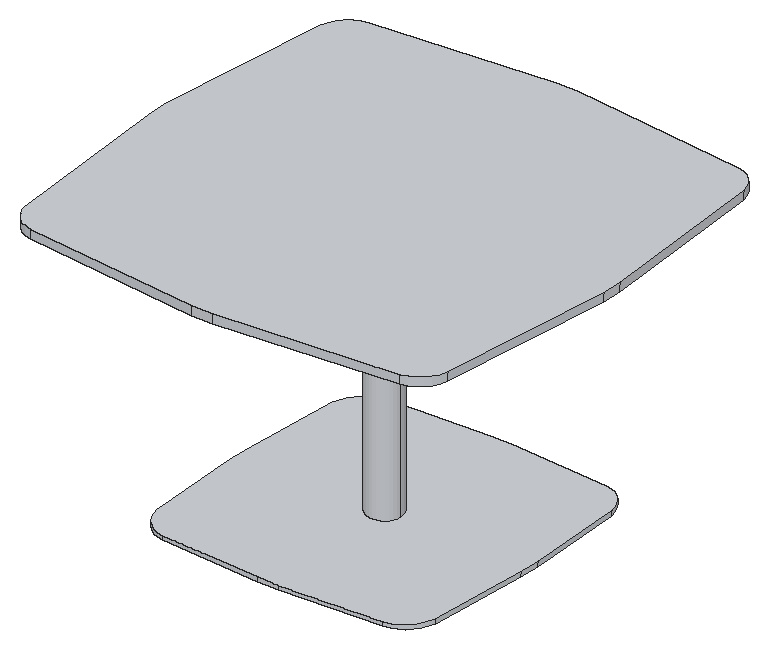
Revit family
Parameters (values of type "27.5"W x 27.5"D x 17.25"H")
  URL = "http://www.keilhauer.com/"
  Small = no
  Product Documentation Link = "http://www.keilhauer.com/products/lounge/talk"
  Model = "8725"
  Manufacturer = "Keilhauer, Corp."  # constant formula
  Large = not(Small)  # yes
  Keilhauer Talk Table [instance] = none
  Keilhauer Talk Glide [instance] = none
  Height = if(Small, 20.25", 17.25")  # 17.25"
  Description = "Large square table"
  Copyright © = "© 2013 Keilhauer, Corp."  # constant formula
  Catalog = "TALK"  # constant formula
  Authoring Version = "Autodesk Revit Architecture 2011"  # constant formula
  Assembly Code = "E2020200"
Types (3): name | Small | Model | Large | Height | Description
  (no name) | no | "8725" | yes | 17.25" | "Large square table"
  15"W x 15"D x 20.25"H | yes | "8724" | no | 20.25" | "Small square table"
  27.5"W x 27.5"D x 17.25"H | no | "8725" | yes | 17.25" | "Large square table"
Reference planes (in)
  plane 1 "Center (Front/Back)": y = 0
  plane 2: z = 0
  plane 3 "Center (Left/Right)": x = 0
  plane 4: x = -13.75
  plane 5: x = 13.75
  plane 6: y = 13.75
  plane 7: y = -13.75
  plane 8: z = 17.25
  plane 9: z = 16.75
  plane 10: z = 0.125
  plane 11: z = 0.375
  plane 12: z = 16.25
Forms (in)
  Extrusion 1, solid, material <- "Keilhauer Talk Table", visible <- "Large", detail levels fine
    sketch origin (0, 12.47189, 0) x (0, -1, 0) y (1, 0, 0)
      loop
        line (-1.27811, 0.625) -> (-1.27811, -0.625)
        arc (-1.27811, -0.625) -> (-1.0317, -5.92078) -> (-0.2946, -11.17081) r 57.03125
        arc (-0.2946, -11.17081) -> (0.25669, -12.2152) -> (1.30108, -12.76649) r 2
        arc (1.30108, -12.76649) -> (6.55111, -13.50359) -> (11.84689, -13.75) r 57.03125
        line (11.84689, -13.75) -> (13.09689, -13.75)
        arc (13.09689, -13.75) -> (18.39268, -13.50359) -> (23.6427, -12.76649) r 57.03125
        arc (23.6427, -12.76649) -> (24.68709, -12.2152) -> (25.23838, -11.17081) r 2
        arc (25.23838, -11.17081) -> (25.97548, -5.92078) -> (26.22189, -0.625) r 57.03125
        line (26.22189, -0.625) -> (26.22189, 0.625)
        arc (26.22189, 0.625) -> (25.97548, 5.92078) -> (25.23838, 11.17081) r 57.03125
        arc (25.23838, 11.17081) -> (24.68709, 12.2152) -> (23.6427, 12.76649) r 2
        arc (23.6427, 12.76649) -> (18.39268, 13.50359) -> (13.09689, 13.75) r 57.03125
        line (13.09689, 13.75) -> (11.84689, 13.75)
        arc (11.84689, 13.75) -> (6.55111, 13.50359) -> (1.30108, 12.76649) r 57.03125
        arc (1.30108, 12.76649) -> (0.25669, 12.2152) -> (-0.2946, 11.17081) r 2
        arc (-0.2946, 11.17081) -> (-1.0317, 5.92078) -> (-1.27811, 0.625) r 57.03125
    from 16.75 to 17.25
  Extrusion 2, solid, material <- "Keilhauer Talk Table", visible <- "Large", detail levels fine
    sketch origin (0, 0, 0) x (1, 0, 0) y (0, 1, 0)
      loop
        circle (0, 0) r 1
    from 0.375 to 16.75
  Extrusion 3, solid, material <- "Keilhauer Talk Table", visible <- "Large", detail levels fine
    sketch origin (0, 12.47189, -17.30529) x (0, -1, 0) y (1, 0, 0)
      loop
        line (11.84689, -8.75) -> (13.09689, -8.75)
        arc (13.09689, -8.75) -> (16.11215, -8.66256) -> (19.11726, -8.40053) r 52.03125
        arc (19.11726, -8.40053) -> (20.30006, -7.82817) -> (20.87242, -6.64537) r 2
        arc (20.87242, -6.64537) -> (21.13445, -3.64025) -> (21.22189, -0.625) r 52.03125
        line (21.22189, -0.625) -> (21.22189, 0.625)
        arc (21.22189, 0.625) -> (21.13445, 3.64025) -> (20.87242, 6.64537) r 52.03125
        arc (20.87242, 6.64537) -> (20.30006, 7.82817) -> (19.11726, 8.40053) r 2
        arc (19.11726, 8.40053) -> (16.11215, 8.66256) -> (13.09689, 8.75) r 52.03125
        line (13.09689, 8.75) -> (11.84689, 8.75)
        arc (11.84689, 8.75) -> (8.83164, 8.66256) -> (5.82652, 8.40053) r 52.03125
        arc (5.82652, 8.40053) -> (4.64372, 7.82817) -> (4.07136, 6.64537) r 2
        arc (4.07136, 6.64537) -> (3.80933, 3.64025) -> (3.72189, 0.625) r 52.03125
        line (3.72189, 0.625) -> (3.72189, -0.625)
        arc (3.72189, -0.625) -> (3.80933, -3.64025) -> (4.07136, -6.64537) r 52.03125
        arc (4.07136, -6.64537) -> (4.64372, -7.82817) -> (5.82652, -8.40053) r 2
        arc (5.82652, -8.40053) -> (8.83164, -8.66256) -> (11.84689, -8.75) r 52.03125
    from 17.43029 to 17.68029
  Extrusion 4, solid, material <- "Keilhauer Talk Table", visible <- "Large", detail levels fine
    sketch origin (0, 12.47189, -0.5) x (0, -1, 0) y (1, 0, 0)
      loop
        line (11.84689, -9.75) -> (13.09689, -9.75)
        arc (13.09689, -9.75) -> (16.1701, -9.66088) -> (19.23297, -9.39381) r 53.03125
        arc (19.23297, -9.39381) -> (21.00717, -8.53528) -> (21.8657, -6.76108) r 3
        arc (21.8657, -6.76108) -> (22.13277, -3.69821) -> (22.22189, -0.625) r 53.03125
        line (22.22189, -0.625) -> (22.22189, 0.625)
        arc (22.22189, 0.625) -> (22.13277, 3.69821) -> (21.8657, 6.76108) r 53.03125
        arc (21.8657, 6.76108) -> (21.00717, 8.53528) -> (19.23297, 9.39381) r 3
        arc (19.23297, 9.39381) -> (16.1701, 9.66088) -> (13.09689, 9.75) r 53.03125
        line (13.09689, 9.75) -> (11.84689, 9.75)
        arc (11.84689, 9.75) -> (8.77369, 9.66088) -> (5.71081, 9.39381) r 53.03125
        arc (5.71081, 9.39381) -> (3.93661, 8.53528) -> (3.07808, 6.76108) r 3
        arc (3.07808, 6.76108) -> (2.81101, 3.69821) -> (2.72189, 0.625) r 53.03125
        line (2.72189, 0.625) -> (2.72189, -0.625)
        arc (2.72189, -0.625) -> (2.81101, -3.69821) -> (3.07808, -6.76108) r 53.03125
        arc (3.07808, -6.76108) -> (3.93661, -8.53528) -> (5.71081, -9.39381) r 3
        arc (5.71081, -9.39381) -> (8.77369, -9.66088) -> (11.84689, -9.75) r 53.03125
    from 16.75 to 17.25
  Extrusion 5, solid, material <- "Keilhauer Talk Glide", visible <- "Large", detail levels fine
    sketch origin (0, 0, 0) x (1, 0, 0) y (0, 1, 0)
      loop
        circle (0, 7.57391) r 0.5
      loop
        circle (0, -7.57391) r 0.5
      loop
        circle (-7.57391, 0) r 0.5
      loop
        circle (7.57391, 0) r 0.5
    from 0 to 0.125
  Extrusion 6, solid, material <- "Keilhauer Talk Table", visible <- "Small", detail levels fine
    sketch origin (0, 12.47189, 0) x (0, -1, 0) y (1, 0, 0)
      loop
        line (4.97189, 0.625) -> (4.97189, -0.625)
        arc (4.97189, -0.625) -> (5.05723, -3.56782) -> (5.31297, -6.50074) r 50.78125
        arc (5.31297, -6.50074) -> (5.5276, -6.94429) -> (5.97115, -7.15892) r 0.75
        arc (5.97115, -7.15892) -> (8.90408, -7.41466) -> (11.84689, -7.5) r 50.78125
        line (11.84689, -7.5) -> (13.09689, -7.5)
        arc (13.09689, -7.5) -> (16.03971, -7.41466) -> (18.97263, -7.15892) r 50.78125
        arc (18.97263, -7.15892) -> (19.41618, -6.94429) -> (19.63081, -6.50074) r 0.75
        arc (19.63081, -6.50074) -> (19.88655, -3.56782) -> (19.97189, -0.625) r 50.78125
        line (19.97189, -0.625) -> (19.97189, 0.625)
        arc (19.97189, 0.625) -> (19.88655, 3.56782) -> (19.63081, 6.50074) r 50.78125
        arc (19.63081, 6.50074) -> (19.41618, 6.94429) -> (18.97263, 7.15892) r 0.75
        arc (18.97263, 7.15892) -> (16.03971, 7.41466) -> (13.09689, 7.5) r 50.78125
        line (13.09689, 7.5) -> (11.84689, 7.5)
        arc (11.84689, 7.5) -> (8.90408, 7.41466) -> (5.97115, 7.15892) r 50.78125
        arc (5.97115, 7.15892) -> (5.5276, 6.94429) -> (5.31297, 6.50074) r 0.75
        arc (5.31297, 6.50074) -> (5.05723, 3.56782) -> (4.97189, 0.625) r 50.78125
    from 16.75 to 17.25
  Extrusion 7, solid, material <- "Keilhauer Talk Table", visible <- "Small", detail levels fine
    sketch origin (0, 12.47189, -0.5) x (0, -1, 0) y (1, 0, 0)
      loop
        line (11.84689, -2.75) -> (13.09689, -2.75)
        arc (13.09689, -2.75) -> (13.16214, -2.74995) -> (13.22738, -2.74982) r 46.03125
        arc (13.22738, -2.74982) -> (14.63593, -2.16404) -> (15.22171, -0.75549) r 2
        arc (15.22171, -0.75549) -> (15.22184, -0.69025) -> (15.22189, -0.625) r 46.03125
        line (15.22189, -0.625) -> (15.22189, 0.625)
        arc (15.22189, 0.625) -> (15.22184, 0.69025) -> (15.22171, 0.75549) r 46.03125
        arc (15.22171, 0.75549) -> (14.63593, 2.16404) -> (13.22738, 2.74982) r 2
        arc (13.22738, 2.74982) -> (13.16214, 2.74995) -> (13.09689, 2.75) r 46.03125
        line (13.09689, 2.75) -> (11.84689, 2.75)
        arc (11.84689, 2.75) -> (11.78164, 2.74995) -> (11.7164, 2.74982) r 46.03125
        arc (11.7164, 2.74982) -> (10.30785, 2.16404) -> (9.72208, 0.75549) r 2
        arc (9.72208, 0.75549) -> (9.72194, 0.69025) -> (9.72189, 0.625) r 46.03125
        line (9.72189, 0.625) -> (9.72189, -0.625)
        arc (9.72189, -0.625) -> (9.72194, -0.69025) -> (9.72208, -0.75549) r 46.03125
        arc (9.72208, -0.75549) -> (10.30785, -2.16404) -> (11.7164, -2.74982) r 2
        arc (11.7164, -2.74982) -> (11.78164, -2.74995) -> (11.84689, -2.75) r 46.03125
    from 16.75 to 17.25
  Extrusion 8, solid, material <- "Keilhauer Talk Table", visible <- "Small", detail levels fine
    sketch origin (0, 12.47189, -17.30529) x (0, -1, 0) y (1, 0, 0)
      loop
        line (11.84689, -6.25) -> (13.09689, -6.25)
        arc (13.09689, -6.25) -> (15.14117, -6.2078) -> (17.18197, -6.08125) r 49.53125
        arc (17.18197, -6.08125) -> (18.11892, -5.64703) -> (18.55315, -4.71008) r 1.5
        arc (18.55315, -4.71008) -> (18.67969, -2.66928) -> (18.72189, -0.625) r 49.53125
        line (18.72189, -0.625) -> (18.72189, 0.625)
        arc (18.72189, 0.625) -> (18.67969, 2.66928) -> (18.55315, 4.71008) r 49.53125
        arc (18.55315, 4.71008) -> (18.11892, 5.64703) -> (17.18197, 6.08125) r 1.5
        arc (17.18197, 6.08125) -> (15.14117, 6.2078) -> (13.09689, 6.25) r 49.53125
        line (13.09689, 6.25) -> (11.84689, 6.25)
        arc (11.84689, 6.25) -> (9.80261, 6.2078) -> (7.76181, 6.08125) r 49.53125
        arc (7.76181, 6.08125) -> (6.82487, 5.64703) -> (6.39064, 4.71008) r 1.5
        arc (6.39064, 4.71008) -> (6.2641, 2.66928) -> (6.22189, 0.625) r 49.53125
        line (6.22189, 0.625) -> (6.22189, -0.625)
        arc (6.22189, -0.625) -> (6.2641, -2.66928) -> (6.39064, -4.71008) r 49.53125
        arc (6.39064, -4.71008) -> (6.82487, -5.64703) -> (7.76181, -6.08125) r 1.5
        arc (7.76181, -6.08125) -> (9.80261, -6.2078) -> (11.84689, -6.25) r 49.53125
    from 17.43029 to 17.68029
  Extrusion 9, solid, material <- "Keilhauer Talk Table", visible <- "Small", detail levels fine
    sketch origin (0, 0, 0) x (1, 0, 0) y (0, 1, 0)
      loop
        circle (0, 0) r 0.5
    from 0.375 to 16.75
  Extrusion 10, solid, material <- "Keilhauer Talk Glide", visible <- "Small", detail levels fine
    sketch origin (0, 0, 0) x (1, 0, 0) y (0, 1, 0)
      loop
        circle (0, -4.25) r 0.5
      loop
        circle (4.25, 0) r 0.5
      loop
        circle (-4.25, 0) r 0.5
      loop
        circle (0, 4.25) r 0.5
    from 0 to 0.125
  Extrusion 11, solid, material <- "Keilhauer Talk Table", visible <- "Large", detail levels medium
    sketch origin (0, 12.47189, 0) x (0, -1, 0) y (1, 0, 0)
      loop
        line (-1.27811, 0.625) -> (-1.27811, -0.625)
        arc (-1.27811, -0.625) -> (-1.0317, -5.92078) -> (-0.2946, -11.17081) r 57.03125
        arc (-0.2946, -11.17081) -> (0.25669, -12.2152) -> (1.30108, -12.76649) r 2
        arc (1.30108, -12.76649) -> (6.55111, -13.50359) -> (11.84689, -13.75) r 57.03125
        line (11.84689, -13.75) -> (13.09689, -13.75)
        arc (13.09689, -13.75) -> (18.39268, -13.50359) -> (23.6427, -12.76649) r 57.03125
        arc (23.6427, -12.76649) -> (24.68709, -12.2152) -> (25.23838, -11.17081) r 2
        arc (25.23838, -11.17081) -> (25.97548, -5.92078) -> (26.22189, -0.625) r 57.03125
        line (26.22189, -0.625) -> (26.22189, 0.625)
        arc (26.22189, 0.625) -> (25.97548, 5.92078) -> (25.23838, 11.17081) r 57.03125
        arc (25.23838, 11.17081) -> (24.68709, 12.2152) -> (23.6427, 12.76649) r 2
        arc (23.6427, 12.76649) -> (18.39268, 13.50359) -> (13.09689, 13.75) r 57.03125
        line (13.09689, 13.75) -> (11.84689, 13.75)
        arc (11.84689, 13.75) -> (6.55111, 13.50359) -> (1.30108, 12.76649) r 57.03125
        arc (1.30108, 12.76649) -> (0.25669, 12.2152) -> (-0.2946, 11.17081) r 2
        arc (-0.2946, 11.17081) -> (-1.0317, 5.92078) -> (-1.27811, 0.625) r 57.03125
    from 16.75 to 17.25
  Extrusion 12, solid, material <- "Keilhauer Talk Table", visible <- "Large", detail levels coarse+medium
    sketch origin (0, 0, 0) x (1, 0, 0) y (0, 1, 0)
      loop
        circle (0, 0) r 1
    from 0.375 to 16.75
  Extrusion 13, solid, material <- "Keilhauer Talk Table", visible <- "Large", detail levels medium
    sketch origin (0, 12.47189, -17.30529) x (0, -1, 0) y (1, 0, 0)
      loop
        line (11.84689, -8.75) -> (13.09689, -8.75)
        arc (13.09689, -8.75) -> (16.11215, -8.66256) -> (19.11726, -8.40053) r 52.03125
        arc (19.11726, -8.40053) -> (20.30006, -7.82817) -> (20.87242, -6.64537) r 2
        arc (20.87242, -6.64537) -> (21.13445, -3.64025) -> (21.22189, -0.625) r 52.03125
        line (21.22189, -0.625) -> (21.22189, 0.625)
        arc (21.22189, 0.625) -> (21.13445, 3.64025) -> (20.87242, 6.64537) r 52.03125
        arc (20.87242, 6.64537) -> (20.30006, 7.82817) -> (19.11726, 8.40053) r 2
        arc (19.11726, 8.40053) -> (16.11215, 8.66256) -> (13.09689, 8.75) r 52.03125
        line (13.09689, 8.75) -> (11.84689, 8.75)
        arc (11.84689, 8.75) -> (8.83164, 8.66256) -> (5.82652, 8.40053) r 52.03125
        arc (5.82652, 8.40053) -> (4.64372, 7.82817) -> (4.07136, 6.64537) r 2
        arc (4.07136, 6.64537) -> (3.80933, 3.64025) -> (3.72189, 0.625) r 52.03125
        line (3.72189, 0.625) -> (3.72189, -0.625)
        arc (3.72189, -0.625) -> (3.80933, -3.64025) -> (4.07136, -6.64537) r 52.03125
        arc (4.07136, -6.64537) -> (4.64372, -7.82817) -> (5.82652, -8.40053) r 2
        arc (5.82652, -8.40053) -> (8.83164, -8.66256) -> (11.84689, -8.75) r 52.03125
    from 17.30529 to 17.68029
  Extrusion 14, solid, material <- "Keilhauer Talk Table", visible <- "Small", detail levels medium
    sketch origin (0, 12.47189, 0) x (0, -1, 0) y (1, 0, 0)
      loop
        line (4.97189, 0.625) -> (4.97189, -0.625)
        arc (4.97189, -0.625) -> (5.05723, -3.56782) -> (5.31297, -6.50074) r 50.78125
        arc (5.31297, -6.50074) -> (5.5276, -6.94429) -> (5.97115, -7.15892) r 0.75
        arc (5.97115, -7.15892) -> (8.90408, -7.41466) -> (11.84689, -7.5) r 50.78125
        line (11.84689, -7.5) -> (13.09689, -7.5)
        arc (13.09689, -7.5) -> (16.03971, -7.41466) -> (18.97263, -7.15892) r 50.78125
        arc (18.97263, -7.15892) -> (19.41618, -6.94429) -> (19.63081, -6.50074) r 0.75
        arc (19.63081, -6.50074) -> (19.88655, -3.56782) -> (19.97189, -0.625) r 50.78125
        line (19.97189, -0.625) -> (19.97189, 0.625)
        arc (19.97189, 0.625) -> (19.88655, 3.56782) -> (19.63081, 6.50074) r 50.78125
        arc (19.63081, 6.50074) -> (19.41618, 6.94429) -> (18.97263, 7.15892) r 0.75
        arc (18.97263, 7.15892) -> (16.03971, 7.41466) -> (13.09689, 7.5) r 50.78125
        line (13.09689, 7.5) -> (11.84689, 7.5)
        arc (11.84689, 7.5) -> (8.90408, 7.41466) -> (5.97115, 7.15892) r 50.78125
        arc (5.97115, 7.15892) -> (5.5276, 6.94429) -> (5.31297, 6.50074) r 0.75
        arc (5.31297, 6.50074) -> (5.05723, 3.56782) -> (4.97189, 0.625) r 50.78125
    from 16.75 to 17.25
  Extrusion 15, solid, material <- "Keilhauer Talk Table", visible <- "Small", detail levels medium
    sketch origin (0, 12.47189, -17.30529) x (0, -1, 0) y (1, 0, 0)
      loop
        line (11.84689, -6.25) -> (13.09689, -6.25)
        arc (13.09689, -6.25) -> (15.14117, -6.2078) -> (17.18197, -6.08125) r 49.53125
        arc (17.18197, -6.08125) -> (18.11892, -5.64703) -> (18.55315, -4.71008) r 1.5
        arc (18.55315, -4.71008) -> (18.67969, -2.66928) -> (18.72189, -0.625) r 49.53125
        line (18.72189, -0.625) -> (18.72189, 0.625)
        arc (18.72189, 0.625) -> (18.67969, 2.66928) -> (18.55315, 4.71008) r 49.53125
        arc (18.55315, 4.71008) -> (18.11892, 5.64703) -> (17.18197, 6.08125) r 1.5
        arc (17.18197, 6.08125) -> (15.14117, 6.2078) -> (13.09689, 6.25) r 49.53125
        line (13.09689, 6.25) -> (11.84689, 6.25)
        arc (11.84689, 6.25) -> (9.80261, 6.2078) -> (7.76181, 6.08125) r 49.53125
        arc (7.76181, 6.08125) -> (6.82487, 5.64703) -> (6.39064, 4.71008) r 1.5
        arc (6.39064, 4.71008) -> (6.2641, 2.66928) -> (6.22189, 0.625) r 49.53125
        line (6.22189, 0.625) -> (6.22189, -0.625)
        arc (6.22189, -0.625) -> (6.2641, -2.66928) -> (6.39064, -4.71008) r 49.53125
        arc (6.39064, -4.71008) -> (6.82487, -5.64703) -> (7.76181, -6.08125) r 1.5
        arc (7.76181, -6.08125) -> (9.80261, -6.2078) -> (11.84689, -6.25) r 49.53125
    from 17.30529 to 17.68029
  Extrusion 16, solid, material <- "Keilhauer Talk Table", visible <- "Small", detail levels coarse+medium
    sketch origin (0, 0, 0) x (1, 0, 0) y (0, 1, 0)
      loop
        circle (0, 0) r 0.5
    from 0.375 to 16.75
  Extrusion 17, solid, material <- "Keilhauer Talk Table", visible <- "Large", detail levels coarse
    sketch origin (0, 12.47189, 0) x (0, -1, 0) y (1, 0, 0)
      loop
        line (-1.27811, 13.75) -> (-1.27811, -13.75) -> (26.22189, -13.75) -> (26.22189, 13.75) -> (-1.27811, 13.75)
    from 16.75 to 17.25
  Extrusion 18, solid, material <- "Keilhauer Talk Table", visible <- "Large", detail levels coarse+medium
    sketch origin (0, 0, 0) x (1, 0, 0) y (0, 1, 0)
      loop
        circle (0, 0) r 1
    from 0.375 to 16.75
  Extrusion 19, solid, material <- "Keilhauer Talk Table", visible <- "Large", detail levels coarse
    sketch origin (0, 12.47189, -17.30529) x (0, -1, 0) y (1, 0, 0)
      loop
        line (3.72189, 8.75) -> (3.72189, -8.75) -> (21.22189, -8.75) -> (21.22189, 8.75) -> (3.72189, 8.75)
    from 17.30529 to 17.68029
  Extrusion 20, solid, material <- "Keilhauer Talk Table", visible <- "Small", detail levels coarse
    sketch origin (0, 12.47189, 0) x (0, -1, 0) y (1, 0, 0)
      loop
        line (4.97189, 7.5) -> (4.97189, -7.5) -> (19.97189, -7.5) -> (19.97189, 7.5) -> (4.97189, 7.5)
    from 16.75 to 17.25
  Extrusion 21, solid, material <- "Keilhauer Talk Table", visible <- "Small", detail levels coarse
    sketch origin (0, 12.47189, -17.30529) x (0, -1, 0) y (1, 0, 0)
      loop
        line (6.22189, 6.25) -> (6.22189, -6.25) -> (18.72189, -6.25) -> (18.72189, 6.25) -> (6.22189, 6.25)
    from 17.30529 to 17.68029
  Extrusion 22, solid, material <- "Keilhauer Talk Table", visible <- "Small", detail levels coarse+medium
    sketch origin (0, 0, 0) x (1, 0, 0) y (0, 1, 0)
      loop
        circle (0, 0) r 0.5
    from 0.375 to 16.75
Cuts and joins
  joined: Extrusion 1, Extrusion 2, Extrusion 3, Extrusion 4
  joined: Extrusion 6, Extrusion 7, Extrusion 8, Extrusion 9
Lines and regions (in)
  Masking region 1, visible <- "Large"
    outline origin (0, 0, 0) x (1, 0, 0) y (0, 1, 0)
      loop
        arc (-0.625, 13.75) -> (-5.92078, 13.50359) -> (-11.17081, 12.76649) r 57.03125
        arc (-11.17081, 12.76649) -> (-12.2152, 12.2152) -> (-12.76649, 11.17081) r 2
        arc (-12.76649, 11.17081) -> (-13.50359, 5.92078) -> (-13.75, 0.625) r 57.03125
        line (-13.75, 0.625) -> (-13.75, -0.625)
        arc (-13.75, -0.625) -> (-13.50359, -5.92078) -> (-12.76649, -11.17081) r 57.03125
        arc (-12.76649, -11.17081) -> (-12.2152, -12.2152) -> (-11.17081, -12.76649) r 2
        arc (-11.17081, -12.76649) -> (-5.92078, -13.50359) -> (-0.625, -13.75) r 57.03125
        line (-0.625, -13.75) -> (0.625, -13.75)
        arc (0.625, -13.75) -> (5.92078, -13.50359) -> (11.17081, -12.76649) r 57.03125
        arc (11.17081, -12.76649) -> (12.2152, -12.2152) -> (12.76649, -11.17081) r 2
        arc (12.76649, -11.17081) -> (13.50359, -5.92078) -> (13.75, -0.625) r 57.03125
        line (13.75, -0.625) -> (13.75, 0.625)
        arc (13.75, 0.625) -> (13.50359, 5.92078) -> (12.76649, 11.17081) r 57.03125
        arc (12.76649, 11.17081) -> (12.2152, 12.2152) -> (11.17081, 12.76649) r 2
        arc (11.17081, 12.76649) -> (5.92078, 13.50359) -> (0.625, 13.75) r 57.03125
        line (0.625, 13.75) -> (-0.625, 13.75)
  Masking region 2, visible <- "Small"
    outline origin (0, 0, 0) x (1, 0, 0) y (0, 1, 0)
      loop
        arc (-0.625, 7.5) -> (-3.56782, 7.41466) -> (-6.50074, 7.15892) r 50.78125
        arc (-6.50074, 7.15892) -> (-6.94429, 6.94429) -> (-7.15892, 6.50074) r 0.75
        arc (-7.15892, 6.50074) -> (-7.41466, 3.56782) -> (-7.5, 0.625) r 50.78125
        line (-7.5, 0.625) -> (-7.5, -0.625)
        arc (-7.5, -0.625) -> (-7.41466, -3.56782) -> (-7.15892, -6.50074) r 50.78125
        arc (-7.15892, -6.50074) -> (-6.94429, -6.94429) -> (-6.50074, -7.15892) r 0.75
        arc (-6.50074, -7.15892) -> (-3.56782, -7.41466) -> (-0.625, -7.5) r 50.78125
        line (-0.625, -7.5) -> (0.625, -7.5)
        arc (0.625, -7.5) -> (3.56782, -7.41466) -> (6.50074, -7.15892) r 50.78125
        arc (6.50074, -7.15892) -> (6.94429, -6.94429) -> (7.15892, -6.50074) r 0.75
        arc (7.15892, -6.50074) -> (7.41466, -3.56782) -> (7.5, -0.625) r 50.78125
        line (7.5, -0.625) -> (7.5, 0.625)
        arc (7.5, 0.625) -> (7.41466, 3.56782) -> (7.15892, 6.50074) r 50.78125
        arc (7.15892, 6.50074) -> (6.94429, 6.94429) -> (6.50074, 7.15892) r 0.75
        arc (6.50074, 7.15892) -> (3.56782, 7.41466) -> (0.625, 7.5) r 50.78125
        line (0.625, 7.5) -> (-0.625, 7.5)
Dimensions and locks (in)
  equal spacing: plane 7, plane 1 "Center (Front/Back)", plane 6
  equal spacing: plane 4, plane 3 "Center (Left/Right)", plane 5
  "Height": plane 8 to plane 2
  plane 8 to plane 9 = 0.50"
  locked: Extrusion 1 sketch curve to Extrusion 1 sketch curve at 1.25  (x4)
  equal spacing: Extrusion 1 sketch curve, plane 1 "Center (Front/Back)", Extrusion 1 sketch curve  (x2)
  equal spacing: Extrusion 1 sketch curve, plane 3 "Center (Left/Right)", Extrusion 1 sketch curve  (x2)
  locked: Extrusion 3 sketch curve to Extrusion 3 sketch curve at 1.25  (x4)
  locked: Extrusion 4 sketch curve to Extrusion 4 sketch curve at 1.25  (x4)
  locked: plane 11 to plane 10 at 0.25
  locked: Extrusion 6 sketch curve to Extrusion 6 sketch curve at 1.25  (x4)
  Extrusion 6 sketch curve to Extrusion 6 sketch curve = 1.25"  (x4)
  locked: Extrusion 7 sketch curve to Extrusion 7 sketch curve at 1.25  (x4)
  locked: Extrusion 8 sketch curve to Extrusion 8 sketch curve at 1.25  (x4)
  locked: Extrusion 11 sketch curve to Extrusion 11 sketch curve at 1.25  (x4)
  Extrusion 11 sketch curve to Extrusion 11 sketch curve = 1.25"  (x4)
  locked: Extrusion 13 sketch curve to Extrusion 13 sketch curve at 1.25  (x4)
  locked: Extrusion 14 sketch curve to Extrusion 14 sketch curve at 1.25  (x4)
  Extrusion 14 sketch curve to Extrusion 14 sketch curve = 1.25"  (x4)
  locked: Extrusion 15 sketch curve to Extrusion 15 sketch curve at 1.25  (x4)
  locked: plane 9 to plane 12 at 0.5
  Extrusion 21 to Extrusion 10 sketch curve = 2.00"
  Extrusion 10 sketch curve to Extrusion 21 = 2.00"
  aligned and locked: nested 1 to plane 3 "Center (Left/Right)"
  aligned and locked: plane 9 to Extrusion 2
  aligned and locked: plane 10 to Extrusion 5
  aligned and locked: plane 10 to cut or joined group of Extrusion 1, Extrusion 2, Extrusion 3, Extrusion 4
  aligned and locked: plane 11 to cut or joined group of Extrusion 1, Extrusion 2, Extrusion 3, Extrusion 4
  aligned and locked: cut or joined group of Extrusion 1, Extrusion 2, Extrusion 3, Extrusion 4 to plane 11
  aligned and locked: plane 1 "Center (Front/Back)" to nested 1
  aligned and locked: plane 8 to Extrusion 17
  aligned and locked: Extrusion 17 to plane 9
  aligned and locked: plane 8 to Extrusion 11
  aligned and locked: plane 8 to cut or joined group of Extrusion 1, Extrusion 2, Extrusion 3, Extrusion 4
  aligned and locked: Extrusion 11 to plane 9
  aligned and locked: cut or joined group of Extrusion 1, Extrusion 2, Extrusion 3, Extrusion 4 to plane 9
  aligned and locked: plane 8 to Extrusion 20
  aligned and locked: Extrusion 20 to plane 9
  aligned and locked: plane 8 to Extrusion 14
  aligned and locked: plane 8 to cut or joined group of Extrusion 6, Extrusion 7, Extrusion 8, Extrusion 9
  aligned and locked: plane 9 to cut or joined group of Extrusion 1, Extrusion 2, Extrusion 3, Extrusion 4
  aligned and locked: plane 9 to Extrusion 17
  aligned and locked: cut or joined group of Extrusion 1, Extrusion 2, Extrusion 3, Extrusion 4 to plane 12
  aligned: Extrusion 14 to plane 12
  aligned: cut or joined group of Extrusion 6, Extrusion 7, Extrusion 8, Extrusion 9 to plane 12
  aligned and locked: plane 9 to cut or joined group of Extrusion 6, Extrusion 7, Extrusion 8, Extrusion 9  (x2)
  aligned and locked: cut or joined group of Extrusion 6, Extrusion 7, Extrusion 8, Extrusion 9 to plane 12
  aligned: plane 12 to Extrusion 18
  aligned: plane 12 to Extrusion 12
  aligned and locked: Extrusion 6 to Extrusion 7
  aligned and locked: Extrusion 14 to plane 9
  aligned and locked: plane 9 to Extrusion 18
  aligned and locked: plane 9 to Extrusion 12
  aligned and locked: plane 9 to Extrusion 22
  aligned and locked: plane 9 to Extrusion 16
  aligned and locked: Extrusion 19 to plane 2
  aligned and locked: Extrusion 13 to plane 2
  aligned and locked: Extrusion 21 to plane 2
  aligned and locked: Extrusion 15 to plane 2
Automatic sketch dimensions
  Extrusion 1 sketch curve to plane 6 = 0.00"
  Extrusion 1 sketch curve to plane 7 = 0.00"
  Extrusion 1 sketch curve to plane 4 = 0.00"
  Extrusion 1 sketch curve to plane 5 = 0.00"
  Extrusion 1 sketch curve to Extrusion 1 sketch curve = 29.53125"
  Extrusion 1 sketch curve to Extrusion 1 sketch curve = 0.00"  (x7)
  Extrusion 1 sketch curve to plane 6 = 0.98351"  (x2)
  Extrusion 1 sketch curve to plane 5 = 0.98351"  (x2)
  Extrusion 1 sketch curve to Extrusion 1 sketch curve = 1.59568"  (x2)
  plane 4 to Extrusion 1 sketch curve = 0.98351"
  plane 7 to Extrusion 1 sketch curve = 2.94902"  (x2)
  Extrusion 1 sketch curve to Extrusion 1 sketch curve = 0.36983"  (x2)
  Extrusion 1 sketch curve to Extrusion 1 sketch curve = 1.96551"
  plane 1 "Center (Front/Back)" to Extrusion 2 sketch curve = 0.00"
  Extrusion 2 sketch curve to plane 3 "Center (Left/Right)" = 0.00"
  Extrusion 3 sketch curve to plane 3 "Center (Left/Right)" = 0.625"  (x2)
  plane 6 to Extrusion 3 sketch curve = 29.53125"
  Extrusion 3 sketch curve to Extrusion 3 sketch curve = 0.00"  (x9)
  Extrusion 3 sketch curve to plane 6 = 5.00"
  Extrusion 3 sketch curve to plane 6 = 5.34947"  (x2)
  Extrusion 3 sketch curve to Extrusion 3 sketch curve = 1.75515"  (x2)
  Extrusion 3 sketch curve to Extrusion 3 sketch curve = 1.98657"  (x4)
  Extrusion 3 sketch curve to plane 1 "Center (Front/Back)" = 0.625"  (x2)
  Extrusion 3 sketch curve to Extrusion 3 sketch curve = 5.78896"  (x2)
  Extrusion 3 sketch curve to Extrusion 3 sketch curve = 0.23141"  (x2)
  Extrusion 3 sketch curve to Extrusion 3 sketch curve = 0.34947"
  Extrusion 4 sketch curve to plane 3 "Center (Left/Right)" = 0.625"  (x2)
  plane 6 to Extrusion 4 sketch curve = 29.53125"
  Extrusion 4 sketch curve to Extrusion 4 sketch curve = 0.00"  (x9)
  Extrusion 4 sketch curve to plane 6 = 4.00"
  Extrusion 4 sketch curve to plane 6 = 4.35619"  (x2)
  Extrusion 4 sketch curve to Extrusion 4 sketch curve = 2.63273"  (x2)
  Extrusion 4 sketch curve to Extrusion 4 sketch curve = 2.97985"  (x4)
  Extrusion 4 sketch curve to plane 1 "Center (Front/Back)" = 0.625"  (x2)
  Extrusion 4 sketch curve to Extrusion 4 sketch curve = 5.78896"  (x2)
  Extrusion 4 sketch curve to Extrusion 4 sketch curve = 0.34712"  (x2)
  Extrusion 4 sketch curve to Extrusion 4 sketch curve = 0.35619"
  plane 1 "Center (Front/Back)" to Extrusion 5 sketch curve = 0.00"  (x2)
  Extrusion 5 sketch curve to plane 3 "Center (Left/Right)" = 0.00"  (x2)
  plane 4 to Extrusion 5 sketch curve = 6.17609"
  Extrusion 5 sketch curve to plane 5 = 6.17609"
  plane 7 to Extrusion 5 sketch curve = 6.17609"
  Extrusion 5 sketch curve to plane 6 = 6.17609"
  plane 3 "Center (Left/Right)" to Extrusion 6 sketch curve = 0.625"
  Extrusion 6 sketch curve to Extrusion 6 sketch curve = 0.00"  (x11)
  Extrusion 6 sketch curve to plane 3 "Center (Left/Right)" = 0.625"
  Extrusion 6 sketch curve to plane 6 = 6.25"
  Extrusion 6 sketch curve to plane 6 = 6.59108"  (x2)
  Extrusion 6 sketch curve to Extrusion 6 sketch curve = 0.65818"  (x2)
  Extrusion 6 sketch curve to Extrusion 6 sketch curve = 0.74496"  (x3)
  Extrusion 6 sketch curve to Extrusion 6 sketch curve = 0.08678"  (x4)
  Extrusion 6 sketch curve to plane 1 "Center (Front/Back)" = 0.625"  (x2)
  Extrusion 6 sketch curve to Extrusion 6 sketch curve = 0.34108"
  Extrusion 8 sketch curve to plane 3 "Center (Left/Right)" = 0.625"  (x2)
  Extrusion 8 sketch curve to Extrusion 8 sketch curve = 0.00"  (x11)
  Extrusion 8 sketch curve to Extrusion 8 sketch curve = 0.16875"  (x3)
  Extrusion 8 sketch curve to plane 1 "Center (Front/Back)" = 4.71008"  (x2)
  Extrusion 8 sketch curve to plane 1 "Center (Front/Back)" = 4.58636"  (x2)
  Extrusion 8 sketch curve to plane 1 "Center (Front/Back)" = 0.625"  (x2)
  plane 1 "Center (Front/Back)" to Extrusion 8 sketch curve = 4.58636"  (x2)
  Extrusion 8 sketch curve to Extrusion 8 sketch curve = 4.08508"  (x2)
  Extrusion 8 sketch curve to Extrusion 8 sketch curve = 1.49489"
  Extrusion 8 sketch curve to plane 3 "Center (Left/Right)" = 4.58636"
  plane 1 "Center (Front/Back)" to Extrusion 9 sketch curve = 0.00"
  Extrusion 9 sketch curve to plane 3 "Center (Left/Right)" = 0.00"
  Extrusion 11 sketch curve to plane 6 = 0.00"
  Extrusion 11 sketch curve to plane 5 = 0.00"
  Extrusion 11 sketch curve to plane 4 = 0.00"
  Extrusion 11 sketch curve to plane 7 = 0.00"
  Extrusion 11 sketch curve to plane 3 "Center (Left/Right)" = 0.625"
  Extrusion 11 sketch curve to Extrusion 11 sketch curve = 29.53125"
  Extrusion 11 sketch curve to Extrusion 11 sketch curve = 0.00"  (x7)
  Extrusion 11 sketch curve to plane 6 = 0.98351"  (x2)
  Extrusion 11 sketch curve to plane 5 = 0.98351"  (x2)
  Extrusion 11 sketch curve to Extrusion 11 sketch curve = 1.59568"  (x2)
  plane 4 to Extrusion 11 sketch curve = 0.98351"
  Extrusion 11 sketch curve to Extrusion 11 sketch curve = 0.36983"  (x3)
  Extrusion 11 sketch curve to Extrusion 11 sketch curve = 1.96551"  (x2)
  Extrusion 11 sketch curve to plane 1 "Center (Front/Back)" = 0.625"
  plane 7 to Extrusion 11 sketch curve = 2.94902"  (x2)
  plane 1 "Center (Front/Back)" to Extrusion 12 sketch curve = 0.00"
  Extrusion 12 sketch curve to plane 3 "Center (Left/Right)" = 0.00"
  Extrusion 13 sketch curve to plane 3 "Center (Left/Right)" = 0.625"  (x2)
  plane 6 to Extrusion 13 sketch curve = 29.53125"
  Extrusion 13 sketch curve to Extrusion 13 sketch curve = 0.00"  (x9)
  Extrusion 13 sketch curve to plane 6 = 5.00"
  Extrusion 13 sketch curve to plane 6 = 5.34947"  (x2)
  Extrusion 13 sketch curve to Extrusion 13 sketch curve = 1.75515"  (x2)
  Extrusion 13 sketch curve to Extrusion 13 sketch curve = 1.98657"  (x4)
  Extrusion 13 sketch curve to plane 1 "Center (Front/Back)" = 0.625"  (x2)
  Extrusion 13 sketch curve to Extrusion 13 sketch curve = 5.78896"  (x2)
  Extrusion 13 sketch curve to Extrusion 13 sketch curve = 0.23141"  (x2)
  Extrusion 13 sketch curve to Extrusion 13 sketch curve = 0.34947"
  Extrusion 7 sketch curve to plane 3 "Center (Left/Right)" = 0.625"  (x2)
  Extrusion 7 sketch curve to Extrusion 7 sketch curve = 0.00"  (x10)
  Extrusion 7 sketch curve to Extrusion 7 sketch curve = 0.00018"  (x3)
  Extrusion 7 sketch curve to plane 1 "Center (Front/Back)" = 0.75549"  (x2)
  Extrusion 7 sketch curve to plane 1 "Center (Front/Back)" = 0.74982"  (x2)
  Extrusion 7 sketch curve to plane 1 "Center (Front/Back)" = 0.625"
  Extrusion 7 sketch curve to Extrusion 7 sketch curve = 0.13049"  (x3)
  plane 1 "Center (Front/Back)" to Extrusion 7 sketch curve = 0.74982"  (x2)
  Extrusion 7 sketch curve to plane 3 "Center (Left/Right)" = 0.75549"
  Extrusion 7 sketch curve to Extrusion 7 sketch curve = 1.99999"
  Extrusion 7 sketch curve to plane 3 "Center (Left/Right)" = 0.74982"
  plane 3 "Center (Left/Right)" to Extrusion 14 sketch curve = 0.625"
  plane 6 to Extrusion 14 sketch curve = 29.53125"
  Extrusion 14 sketch curve to Extrusion 14 sketch curve = 0.00"  (x9)
  Extrusion 14 sketch curve to plane 3 "Center (Left/Right)" = 0.625"
  Extrusion 14 sketch curve to plane 6 = 6.25"
  Extrusion 14 sketch curve to plane 6 = 6.59108"  (x2)
  Extrusion 14 sketch curve to Extrusion 14 sketch curve = 0.65818"  (x2)
  Extrusion 14 sketch curve to Extrusion 14 sketch curve = 0.74496"  (x3)
  Extrusion 14 sketch curve to Extrusion 14 sketch curve = 0.08678"  (x3)
  Extrusion 14 sketch curve to plane 1 "Center (Front/Back)" = 0.625"  (x2)
  Extrusion 14 sketch curve to Extrusion 14 sketch curve = 5.78896"  (x2)
  Extrusion 14 sketch curve to Extrusion 14 sketch curve = 0.34108"
  Extrusion 15 sketch curve to plane 3 "Center (Left/Right)" = 0.625"  (x2)
  plane 6 to Extrusion 15 sketch curve = 29.53125"
  Extrusion 15 sketch curve to Extrusion 15 sketch curve = 0.00"  (x9)
  Extrusion 15 sketch curve to plane 1 "Center (Front/Back)" = 6.25"
  Extrusion 15 sketch curve to Extrusion 15 sketch curve = 0.16875"  (x3)
  Extrusion 15 sketch curve to Extrusion 15 sketch curve = 1.37118"  (x2)
  Extrusion 15 sketch curve to Extrusion 15 sketch curve = 1.49489"  (x4)
  Extrusion 15 sketch curve to plane 1 "Center (Front/Back)" = 0.625"  (x2)
  Extrusion 15 sketch curve to Extrusion 15 sketch curve = 3.96136"  (x2)
  Extrusion 15 sketch curve to Extrusion 15 sketch curve = 0.12371"  (x2)
  plane 1 "Center (Front/Back)" to Extrusion 16 sketch curve = 0.00"
  Extrusion 16 sketch curve to plane 3 "Center (Left/Right)" = 0.00"
  Extrusion 17 sketch curve to plane 5 = 0.00"
  Extrusion 17 sketch curve to plane 4 = 0.00"
  plane 1 "Center (Front/Back)" to Extrusion 18 sketch curve = 0.00"
  Extrusion 18 sketch curve to plane 3 "Center (Left/Right)" = 0.00"
  plane 1 "Center (Front/Back)" to Extrusion 22 sketch curve = 0.00"
  Extrusion 22 sketch curve to plane 3 "Center (Left/Right)" = 0.00"
  Extrusion 17 sketch curve to plane 6 = 0.00"
  Extrusion 17 sketch curve to plane 7 = 0.00"
  plane 4 to Extrusion 20 sketch curve = 6.25"
  Extrusion 20 sketch curve to plane 6 = 6.25"
  Extrusion 20 sketch curve to plane 5 = 6.25"
  plane 7 to Extrusion 20 sketch curve = 6.25"
  plane 1 "Center (Front/Back)" to Extrusion 21 sketch curve = 6.25"
  Extrusion 21 sketch curve to plane 1 "Center (Front/Back)" = 6.25"
  plane 3 "Center (Left/Right)" to Extrusion 21 sketch curve = 6.25"
  Extrusion 21 sketch curve to plane 3 "Center (Left/Right)" = 6.25"
  plane 4 to Extrusion 19 sketch curve = 5.00"
  Extrusion 19 sketch curve to plane 6 = 5.00"
  Extrusion 19 sketch curve to plane 5 = 5.00"
  plane 7 to Extrusion 19 sketch curve = 5.00"
  Masking region 1 sketch curve to plane 4 = 0.00"
  Masking region 1 sketch curve to plane 6 = 0.00"
  Masking region 1 sketch curve to plane 7 = 0.00"
  Masking region 1 sketch curve to plane 5 = 0.00"
  Masking region 1 sketch curve to plane 1 "Center (Front/Back)" = 0.625"  (x2)
  Masking region 1 sketch curve to Masking region 1 sketch curve = 29.53125"
  plane 1 "Center (Front/Back)" to Masking region 1 sketch curve = 0.625"
  Masking region 1 sketch curve to Masking region 1 sketch curve = 0.00"  (x7)
  plane 4 to Masking region 1 sketch curve = 0.98351"  (x2)
  Masking region 1 sketch curve to Masking region 1 sketch curve = 1.59568"  (x2)
  plane 7 to Masking region 1 sketch curve = 0.98351"  (x2)
  Masking region 1 sketch curve to Masking region 1 sketch curve = 0.36983"  (x3)
  Masking region 1 sketch curve to Masking region 1 sketch curve = 1.96551"  (x2)
  Masking region 1 sketch curve to Masking region 1 sketch curve = 10.54581"
  plane 3 "Center (Left/Right)" to Masking region 1 sketch curve = 0.625"
  Masking region 1 sketch curve to plane 3 "Center (Left/Right)" = 0.625"  (x2)
  Masking region 1 sketch curve to plane 5 = 2.94902"  (x2)
  plane 1 "Center (Front/Back)" to Masking region 2 sketch curve = 0.625"  (x2)
  Masking region 2 sketch curve to plane 4 = 29.53125"
  Masking region 2 sketch curve to plane 1 "Center (Front/Back)" = 0.625"  (x2)
  Masking region 2 sketch curve to Masking region 2 sketch curve = 0.00"  (x9)
  plane 4 to Masking region 2 sketch curve = 6.25"
  plane 4 to Masking region 2 sketch curve = 6.59108"  (x2)
  Masking region 2 sketch curve to Masking region 2 sketch curve = 0.65818"  (x2)
  Masking region 2 sketch curve to Masking region 2 sketch curve = 0.08678"  (x3)
  Masking region 2 sketch curve to Masking region 2 sketch curve = 0.74496"  (x3)
  plane 3 "Center (Left/Right)" to Masking region 2 sketch curve = 0.625"  (x2)
  Masking region 2 sketch curve to plane 3 "Center (Left/Right)" = 0.625"  (x2)
  Masking region 2 sketch curve to Masking region 2 sketch curve = 5.78896"  (x2)
  Masking region 2 sketch curve to Masking region 2 sketch curve = 0.34108"
  plane 1 "Center (Front/Back)" to Extrusion 10 sketch curve = 0.00"  (x2)
  Extrusion 10 sketch curve to plane 3 "Center (Left/Right)" = 0.00"  (x2)
  plane 3 "Center (Left/Right)" to Extrusion 10 sketch curve = 4.25"
  Extrusion 10 sketch curve to plane 1 "Center (Front/Back)" = 4.25"
  radius of Extrusion 2 sketch curve = 1.00"
  radius of Extrusion 5 sketch curve = 0.50"  (x4)
  radius of Extrusion 9 sketch curve = 0.50"
  radius of Extrusion 12 sketch curve = 1.00"
  radius of Extrusion 16 sketch curve = 0.50"
  radius of Extrusion 18 sketch curve = 1.00"
  radius of Extrusion 22 sketch curve = 0.50"
  radius of Extrusion 10 sketch curve = 0.50"  (x4)
Nested families (in)
  nested 1: "Furniture_Tag_Keilhauer" at (0, 0, 0), type "Center", detail levels fine
    with Offset (LR) 0.00"
Definition of nested family "Furniture_Tag_Keilhauer"
  Parameters (values of type "Center")
    P_Width = 0.00"
    Text_Width = "Empty"
    Text_Height = "Empty"
    Text_Diameter = "Empty"
    Text_Depth = "Empty"
    Offset (LR) [instance] = 0.00"
    Model Name = "Empty"
    P_Height = 0.00"
    Distance of Center (not Change) = 0.00"
    P_Diameter = 0.00"
    P_Depth = 0.00"
  Types (2): name | Distance of Center (not Change)
    Center | 0.00"
    Offset | 0.09843"
  Reference planes (in)
    plane 1: y = 0
    plane 2: x = 0
  Lines and regions (in)
    reference lines
      curve 1: line (-0.44359, 0, 0) -> (0.41085, 0, 0)
      curve 3: line (0, 0.32564, 0) -> (0, -0.40221, 0)
    reference lines, not visible
      curve 2: line (-0.44359, 0.09843, 0) -> (0.41085, 0.09843, 0)
      curve 4: line (0, 0.42407, 0) -> (0, -0.30379, 0)
  Text (in)
    label "Empty" at (0.00197, -0.0079, 0), shows "Model Name"
    label "Empty" at (0.00197, 0.09052, 0), shows "Model Name", not visible
  Dimensions and locks (in)
    "Distance of Center (not Change)": plane 1 to curve 1
    "Offset (LR)": curve 3 to plane 2
  Automatic sketch dimensions
    curve 1 to curve 3 = 0.44359"
    curve 3 to curve 1 = 0.41085"
    curve 3 to curve 1 = 0.40221"
    curve 1 to curve 3 = 0.32564"
    curve 2 to curve 4 = 0.44359"
    curve 4 to curve 2 = 0.41085"
    curve 4 to curve 2 = 0.40221"
    curve 2 to curve 4 = 0.32564"
